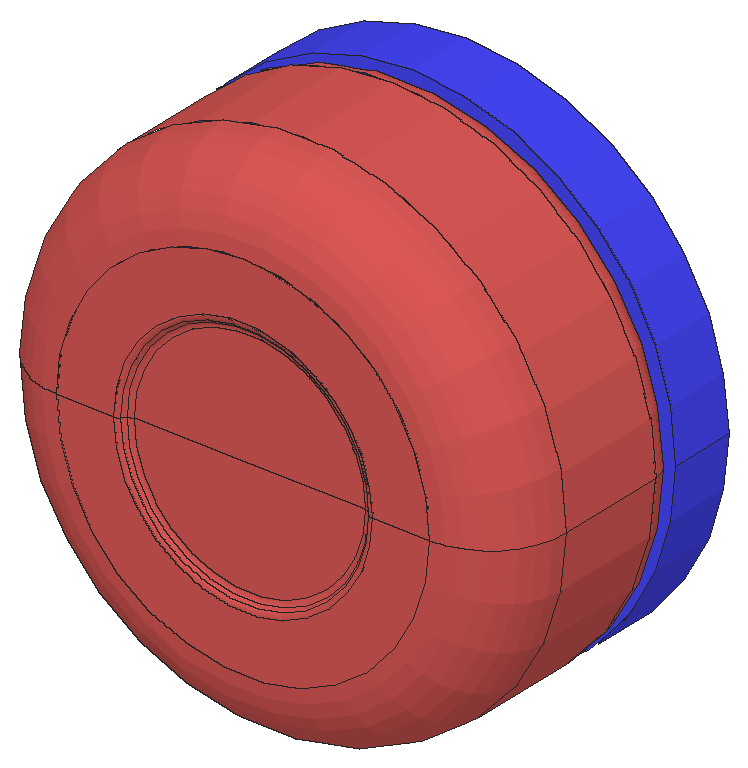
Revit family "FA_Fire Alarm Bell", category Fire Alarm Devices, Revit 2013
Reference planes
  plane 1 "Center (Front/Back)": y = 0
  plane 2: z = 0
  plane 3 "Center (Left/Right)": x = 0
  plane 4: x = -52
  plane 5: y = -13
  plane 6: y = -55
Forms (mm)
  Revolve 1, solid, material "Aluminum, Anodized Red"
    sketch origin (0, 0, 0) x (1, 0, 0) y (0, 1, 0)
      loop
        line (-52, -18) -> (-52, -40)
        arc (-52, -40) -> (-47.607, -50.607) -> (-37, -55) r 15
        line (-37, -55) -> (-25.621, -55)
        arc (-25.621, -55) -> (-25.047, -54.886) -> (-24.561, -54.561) r 1.5
        line (-24.561, -54.561) -> (-23.939, -53.939)
        arc (-23.939, -53.939) -> (-23.453, -53.614) -> (-22.879, -53.5) r 1.5
        line (-22.879, -53.5) -> (0, -53.5) -> (0, -13) -> (-47, -13)
        arc (-47, -13) -> (-50.536, -14.464) -> (-52, -18) r 5
      axis (0, -13) -> (0, -55)
    angle from 0 to 360
  Extrusion 2, solid, material "Poche"
    sketch origin (0, 0, 0) x (1, 0, 0) y (0, 0, 1)
      loop
        circle (0, 0) r 52.006
    from 0 to 13
Nested families
  nested 1: "FA_BELL" at (0, 0, 0) x (-1, 0, 0) z (0, 0, 1), type "FA_BELL"
Definition of nested family "FA_BELL"
  Reference planes
    plane 1: y = 0
    plane 2: x = 0
  Lines and regions (mm)
    detail lines, style "Fire Alarm Symbols"
      curve 1: line (-1.5, 1.5, 0) -> (1.5, 1.5, 0)
      curve 2: arc (1.5, 1.5, 0) -> (0, 3, 0) -> (-1.5, 1.5, 0) r 1.5
      curve 3: line (-0.743, 1.5, 0) -> (-0.743, 0, 0)
      curve 4: line (-0.743, 0, 0) -> (-1.493, 0, 0)
      curve 5: line (0.743, 1.5, 0) -> (0.743, 0, 0)
      curve 6: line (0.743, 0, 0) -> (1.493, 0, 0)
